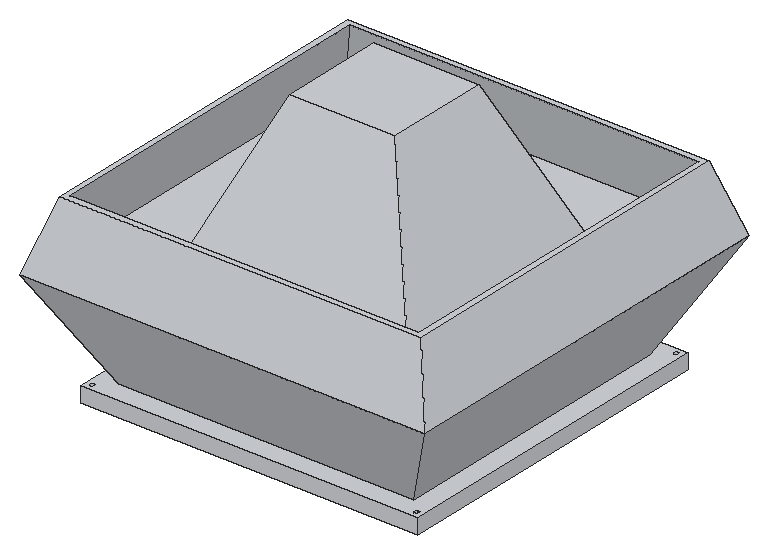
Revit family "BVN_BRDV", category Mechanical Equipment, host Face, Revit 2019
Family settings
  Host = Face
  Round Connector Dimension = Use Diameter
  Part Type = Normal
  Cut with Voids When Loaded = No
  Shared = No
  Room Calculation Point = No
Parameters (values of type "BRDV 450M")
  t = 12.73 mm
  int_ust = 250 mm
  int_L = 550 mm
  h_Ust = (F - I) * 0.4  # 162 mm
  h_Alt = (F - I) * 0.6  # 243 mm
  QH = 10 mm
  X = 250 mm
  Weight = 38.00 kg
  URL = "http://www.bahcivanmotor.com.tr/index.php"
  Speed(d/d) = 1365
  Sound Pressure Level dB(A) = 54
  QC = 282 mm
  Protection Class = 55
  Power = 550 W
  Voltage = 230 V
  Model = "BRDV"
  Material = none
  Manufacturer = "Bahçıvan Elektrik Motor San. ve Tic. Ltd. Şti."
  Insulation Class = "F"
  I = 35 mm
  Frequency = 50 Hz
  G = D - 30 mm  # 770 mm
  EF = E - h_Alt  # 352 mm
  E = 595 mm
  Description = "Roof Fan"
  Default Elevation = 1219.2 mm
  D' = 700 mm
  Current = 4.5 A
  Capacitor (mF) = 20
  F = 440 mm
  B = 855 mm
  Air Flow = 5300.0 m³/h
  D = 800 mm
  A = 960 mm
Types (12, lengths in mm): name | int_L | h_Ust | h_Alt | QH | Weight | Speed(d/d) | Sound Pressure Level dB(A) | QC | Power | Voltage | G | EF | E | D' | Current | Capacitor (mF) | F | B | Air Flow | D | A
  BRDV 315M | 480 | 144 | 216 | 10 | 22.00 kg | 1380 | 48 | 185 | 250 W | 230 V | 670 | 334 | 550 | 600 | 2.1 A | 10 | 395 | 740 | 1900.0 m³/h | 700 | 845
  BRDV 355M | 500 | 144 | 216 | 10 | 27.00 kg | 1380 | 50 | 235 | 250 W | 230 V | 670 | 334 | 550 | 600 | 2.1 A | 10 | 395 | 740 | 2850.0 m³/h | 700 | 845
  BRDV 400M | 525 | 158 | 237 | 10 | 33.00 kg | 1390 | 51 | 270 | 370 W | 230 V | 720 | 348 | 585 | 650 | 3.4 A | 15 | 430 | 780 | 4000.0 m³/h | 750 | 895
  BRDV 450M | 550 | 162 | 243 | 10 | 38.00 kg | 1365 | 54 | 282 | 550 W | 230 V | 770 | 352 | 595 | 700 | 4.5 A | 20 | 440 | 855 | 5300.0 m³/h | 800 | 960
  BRDV 500M | 600 | 182 | 273 | 14 | 49.00 kg | 1410 | 56 | 320 | 1100 W | 230 V | 820 | 422 | 695 | 750 | 7.5 A | 35 | 490 | 915 | 8000.0 m³/h | 850 | 1030
  BRDV 560M | 700 | 230 | 345 | 14 | 58.00 kg | 1420 | 65 | 360 | 2200 W | 230 V | 920 | 475 | 820 | 850 | 14.2 A | 50 | 610 | 960 | 10500.0 m³/h | 950 | 1195
  BRDV 315T | 480 | 144 | 216 | 10 | 22.00 kg | 1380 | 48 | 185 | 250 W | 380 V | 670 | 334 | 550 | 600 | 0.87 A | 0 | 395 | 740 | 1900.0 m³/h | 700 | 845
  BRDV 355T | 500 | 144 | 216 | 10 | 27.00 kg | 1380 | 50 | 235 | 250 W | 380 V | 670 | 334 | 550 | 600 | 0.87 A | 0 | 395 | 740 | 2850.0 m³/h | 700 | 845
  BRDV 400T | 525 | 158 | 237 | 10 | 33.00 kg | 1390 | 51 | 270 | 370 W | 380 V | 720 | 348 | 585 | 650 | 1.2 A | 0 | 430 | 780 | 4000.0 m³/h | 750 | 895
  BRDV 450T | 550 | 162 | 243 | 10 | 38.00 kg | 1365 | 54 | 282 | 550 W | 380 V | 770 | 352 | 595 | 700 | 1.6 A | 0 | 440 | 855 | 5300.0 m³/h | 800 | 960
  BRDV 500T | 600 | 182 | 273 | 14 | 49.00 kg | 1410 | 56 | 320 | 1100 W | 380 V | 820 | 422 | 695 | 750 | 2.6 A | 0 | 490 | 915 | 8000.0 m³/h | 850 | 1030
  BRDV 560T | 700 | 230 | 345 | 14 | 58.00 kg | 1420 | 65 | 360 | 2200 W | 380 V | 920 | 475 | 820 | 850 | 4.9 A | 0 | 610 | 960 | 10500.0 m³/h | 950 | 1195
Reference planes
  plane 1 "Center (Front/Back)": y = 0
  plane 2: z = 0
  plane 3 "Center (Left/Right)": x = 0
  plane 4: x = -400
  plane 5: y = 400
  plane 6: x = 400
  plane 7: y = -400
Forms (mm)
  Extrusion 1, solid, material <- "Material"
    sketch origin (0, 0, 0) x (1, 0, 0) y (0, 1, 0)
      loop
        line (-400, 400) -> (-400, -400) -> (400, -400) -> (400, 400) -> (-400, 400)
    from 0 to 35 <- "I"
  Blend 2, solid
    base sketch origin (0, 0, 35) x (1, 0, 0) y (0, 1, 0)
      loop
        line (-350, 350) -> (-350, -350) -> (350, -350) -> (350, 350) -> (-350, 350)
    top sketch origin (0, 0, 35) x (1, 0, 0) y (0, 1, 0)
      loop
        line (-480, 480) -> (-480, -480) -> (480, -480) -> (480, 480) -> (-480, 480)
    from 0 to 243 <- "h_Alt"
  Blend 3, solid
    base sketch origin (0, 0, 278) x (1, 0, 0) y (0, 1, 0)
      loop
        line (-480, 480) -> (-480, -480) -> (480, -480) -> (480, 480) -> (-480, 480)
    top sketch origin (0, 0, 278) x (1, 0, 0) y (0, 1, 0)
      loop
        line (-427.5, 427.5) -> (-427.5, -427.5) -> (427.5, -427.5) -> (427.5, 427.5) -> (-427.5, 427.5)
    from 0 to 162 <- "h_Ust"
  Extrusion 4, void
    sketch origin (0, 0, 35) x (0, 1, 0) y (1, 0, 0)
      loop
        circle (385, -385) r 5
      loop
        circle (385, 385) r 5
      loop
        circle (-385, -385) r 5
      loop
        circle (-385, 385) r 5
    from 10 to 0
  Blend 5, void
    base sketch origin (0, 0, 278) x (0, 1, 0) y (-1, 0, 0)
      loop
        line (467.27, -467.27) -> (467.27, 467.27) -> (-467.27, 467.27) -> (-467.27, -467.27) -> (467.27, -467.27)
    top sketch origin (0, 0, 440) x (1, 0, 0) y (0, 1, 0)
      loop
        line (414.77, 414.77) -> (-414.77, 414.77) -> (-414.77, -414.77) -> (414.77, -414.77) -> (414.77, 414.77)
    from 0 to 1
  Blend 6, solid
    base sketch origin (0, 0, 278) x (1, 0, 0) y (0, 1, 0)
      loop
        line (-275, 275) -> (-275, -275) -> (275, -275) -> (275, 275) -> (-275, 275)
    top sketch origin (0, 0, 278) x (1, 0, 0) y (0, 1, 0)
      loop
        line (-125, 125) -> (-125, -125) -> (125, -125) -> (125, 125) -> (-125, 125)
    from 0 to 352 <- "EF"
Cuts and joins
  Extrusion 4 cuts Extrusion 1
  Extrusion 4, Blend 5 cuts Blend 2
  Extrusion 4, Blend 5 cuts Blend 3
Dimensions and locks
  equal spacing: plane 4, plane 3 "Center (Left/Right)", plane 6
  equal spacing: plane 5, plane 1 "Center (Front/Back)", plane 7
  "D": plane 5 to plane 7
  "D": plane 4 to plane 6
  equal spacing: Blend 2 sketch curve, plane 3 "Center (Left/Right)", Blend 2 sketch curve  (x2)
  equal spacing: Blend 2 sketch curve, plane 1 "Center (Front/Back)", Blend 2 sketch curve  (x2)
  "D'": Blend 2 sketch curve to Blend 2 sketch curve  (x2)
  "A": Blend 2 sketch curve to Blend 2 sketch curve  (x2)
  equal spacing: Blend 3 sketch curve, plane 3 "Center (Left/Right)", Blend 3 sketch curve
  equal spacing: Blend 3 sketch curve, plane 1 "Center (Front/Back)", Blend 3 sketch curve
  "B": Blend 3 sketch curve to Blend 3 sketch curve  (x2)
  equal spacing: Extrusion 4 sketch curve, plane 3 "Center (Left/Right)", Extrusion 4 sketch curve  (x2)
  equal spacing: Extrusion 4 sketch curve, plane 1 "Center (Front/Back)", Extrusion 4 sketch curve  (x2)
  "G": Extrusion 4 sketch curve to Extrusion 4 sketch curve  (x4)
  "t": Blend 5 sketch curve to cut or joined group of Blend 2, Extrusion 4, Blend 5  (x3)
  "t": cut or joined group of Blend 2, Extrusion 4, Blend 5 to Blend 5 sketch curve
  "t": cut or joined group of Blend 3, Extrusion 4, Blend 5 to Blend 5 sketch curve  (x3)
  "t": Blend 5 sketch curve to cut or joined group of Blend 3, Extrusion 4, Blend 5
  equal spacing: Blend 6 sketch curve, plane 3 "Center (Left/Right)", Blend 6 sketch curve  (x2)
  equal spacing: Blend 6 sketch curve, plane 1 "Center (Front/Back)", Blend 6 sketch curve  (x2)
  "int_L": Blend 6 sketch curve to Blend 6 sketch curve  (x2)
  "int_ust": Blend 6 sketch curve to Blend 6 sketch curve  (x2)
  aligned and locked: plane 2 to host face
  aligned and locked: level to host face
  aligned and locked: Extrusion 1 sketch curve to plane 6
  aligned and locked: Extrusion 1 sketch curve to plane 5
  aligned and locked: plane 4 to Extrusion 1 sketch curve
  aligned and locked: plane 7 to Extrusion 1 sketch curve
  aligned and locked: Blend 3 sketch curve to Blend 2  (x4)
Automatic sketch dimensions
  host sketch curve to host sketch curve = 2438.4 mm  (x2)
  radius of Extrusion 4 sketch curve = 5 mm  (x4)
Connectors
  hvac at (0, 0, 0), driven by "QC"
    settings: on Extrusion 1, index 1, duct flow 0.0 m³/h, flow factor 0, pres drop 0.0 Pa, loss coef 0, conn angle 0.00°, conn width 304.8 mm, conn height 304.8 mm, conn diameter 282 mm, duct sys type 1, conn prof type 0, flow config 0, flow direction 0, loss method 0, conn ref index -1, conn util no, is conn primary yes, conn desc ""
  electrical at (400, 0, 17.5)
    settings: on Extrusion 1, index 2, voltage 0 V, apparent load 0 VA, apparent load phase1 0 VA, apparent load phase2 0 VA, apparent load phase3 0 VA, power factor 1, load classification "Other", number of poles 1, system type 14, power factor state 1, is connector primary yes, connector utility no, sub classification motor no, connector description ""
